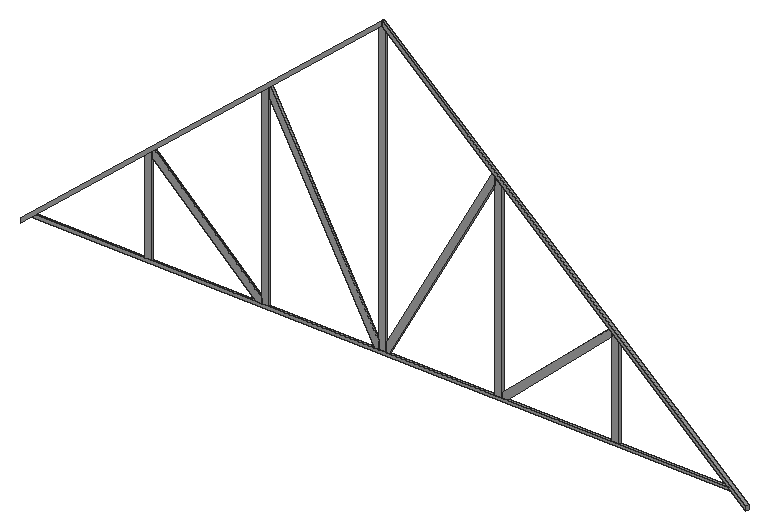
Revit family "DoubleHoweTruss", category Structural Framing, Revit 2023
Family settings
  Section Shape = Not Defined
  Material for Model Behavior = Wood
  Always export as geometry = No
  OmniClass Number = 23.25.30.21.14
  OmniClass Title = Trussed Beams and Joists
  Work Plane-Based = No
  Always vertical = Yes
  Cut with Voids When Loaded = No
  Symbolic Representation = From Family
  Shared = No
  Show family pre-cut in plan views = Yes
Parameters
  WebWidth [instance] = 50 mm
  WebDepth [instance] = 200 mm
  T_Volume [instance] = 0.00 m³
  TopWidth [instance] = 80 mm
  Structural Material [instance] = Poche
  SpanRight [instance] = 10000 mm
  SpanLeft [instance] = 10000 mm
  Span [instance] = SpanLeft + SpanRight  # 20000 mm
  SlopeRight [instance] = 40.00°
  SlopeLeft [instance] = 40.00°
  OverhangRight [instance] = 300 mm
  OverhangLeft [instance] = 400 mm
  TopDepth [instance] = 100 mm
  BottomWidth [instance] = 50 mm
  BottomDepth [instance] = 100 mm
Reference planes
  plane 1 "Center (Front/Back)": y = 0
  plane 2: z = 0
  plane 3 "Center (Left/Right)": x = 0
  plane 4: x = -10000
  plane 5: x = 10000
  plane 6: x = 10400
  plane 7: x = -10300
  plane 8: z = 100
  plane 9: x = 3333.333
  plane 10: x = 6666.667
  plane 11: x = -3333.333
  plane 12: x = -6666.667
  plane 13: x = -6766.667
  plane 14: x = -6566.667
  plane 15: x = -3433.333
  plane 16: x = -3233.333
  plane 17: x = -100
  plane 18: x = 100
  plane 19: x = 3233.333
  plane 20: x = 3433.333
  plane 21: x = 6566.667
  plane 22: x = 6766.667
Forms (mm)
  Extrusion 1, solid, material "Cherry"
    sketch origin (0, 0, 0) x (1, 0, 0) y (0, 0, 1)
      loop
        line (-6766.667, 2713.089) -> (-6766.667, 100) -> (-6566.667, 100) -> (-6566.667, 2880.909) -> (-6766.667, 2713.089)
    from -25 to 25
  Extrusion 2, solid, material "Cherry"
    sketch origin (0, 0, 0) x (1, 0, 0) y (0, 0, 1)
      loop
        line (-3233.333, 5677.908) -> (-3433.333, 5510.088) -> (-3433.333, 100) -> (-3233.333, 100) -> (-3233.333, 5677.908)
    from -25 to 25
  Extrusion 3, solid, material "Cherry"
    sketch origin (0, 0, 0) x (1, 0, 0) y (0, 0, 1)
      loop
        line (100, 8307.086) -> (0, 8390.996) -> (-100, 8307.086) -> (-100, 100) -> (100, 100) -> (100, 8307.086)
    from -25 to 25
  Extrusion 4, solid, material "Cherry"
    sketch origin (0, 0, 0) x (1, 0, 0) y (0, 0, 1)
      loop
        line (3433.333, 5510.088) -> (3233.333, 5677.908) -> (3233.333, 100) -> (3433.333, 100) -> (3433.333, 5510.088)
    from -25 to 25
  Extrusion 5, solid, material "Cherry"
    sketch origin (0, 0, 0) x (1, 0, 0) y (0, 0, 1)
      loop
        line (6766.667, 2713.089) -> (6566.667, 2880.909) -> (6566.667, 100) -> (6766.667, 100) -> (6766.667, 2713.089)
    from -25 to 25
  Extrusion 6, solid, material "Cherry"
    sketch origin (0, 0, 0) x (1, 0, 0) y (0, 0, 1)
      loop
        line (-3583.983, 100) -> (-3433.333, 100) -> (-3433.333, 233.705) -> (-6489.229, 2945.886) -> (-6566.667, 2880.909) -> (-6566.667, 2747.204) -> (-3583.983, 100)
    from -25 to 25
  Extrusion 7, solid, material "Cherry"
    sketch origin (0, 0, 0) x (1, 0, 0) y (0, 0, 1)
      loop
        line (-100, 304.183) -> (-3155.38, 5743.318) -> (-3233.333, 5677.908) -> (-3233.333, 5473.725) -> (-214.698, 100) -> (-100, 100) -> (-100, 304.183)
    from -25 to 25
  Extrusion 8, solid, material "Cherry"
    sketch origin (0, 0, 0) x (1, 0, 0) y (0, 0, 1)
      loop
        line (214.698, 100) -> (3233.333, 5473.725) -> (3233.333, 5677.908) -> (3155.38, 5743.318) -> (100, 304.183) -> (100, 100) -> (214.698, 100)
    from -25 to 25
  Extrusion 9, solid, material "Cherry"
    sketch origin (0, 0, 0) x (1, 0, 0) y (0, 0, 1)
      loop
        line (3583.983, 100) -> (6566.667, 2747.204) -> (6566.667, 2880.909) -> (6489.229, 2945.886) -> (3433.333, 233.705) -> (3433.333, 100) -> (3583.983, 100)
    from -25 to 25
  Extrusion 10, solid, material "Cherry"
    sketch origin (0, 0, 0) x (1, 0, 0) y (0, 0, 1)
      loop
        line (10400, -335.64) -> (10400, -205.099) -> (0, 8521.537) -> (0, 8390.996) -> (10400, -335.64)
    from -40 to 40
  Extrusion 11, solid, material "Cherry"
    sketch origin (0, 0, 0) x (1, 0, 0) y (0, 0, 1)
      loop
        line (-10300, -121.189) -> (-10300, -251.73) -> (0, 8390.996) -> (0, 8521.537) -> (-10300, -121.189)
    from -40 to 40
  Extrusion 12, solid, material "Cherry"
    sketch origin (0, 0, 0) x (1, 0, 0) y (0, 0, 1)
      loop
        line (-10000, 0) -> (10000, 0) -> (9880.825, 100) -> (-9880.825, 100) -> (-10000, 0)
    from -25 to 25
Lines and regions (mm)
  reference lines
    curve 1: line (10000, 0, 0) -> (0, 0, 8390.996)
    curve 2: line (-10000, 0, 0) -> (0, 0, 8390.996)
    curve 3: line (10001.738, 0, 129.083) -> (-8.024, 0, 8528.27)
    curve 4: line (-9999.444, 0, 131.007) -> (-134.65, 0, 8408.552)
    curve 5: line (0, 40, 1939.254) -> (0, 40, -520.746)
    curve 6: line (0, -40, 1939.254) -> (0, -40, -520.746)
    curve 7: line (0, -25, 1939.254) -> (0, -25, -520.746)
    curve 8: line (0, -25, 1939.254) -> (0, -25, -520.746)
    curve 9: line (0, 25, 1939.254) -> (0, 25, -520.746)
    curve 10: line (0, 25, 1939.254) -> (0, 25, -520.746)
    curve 11: line (100, 0, 100) -> (3233.333, 0, 5677.908)
    curve 12: line (3433.333, 0, 100) -> (6566.667, 0, 2880.909)
    curve 13: line (-100, 0, 100) -> (-3233.333, 0, 5677.908)
    curve 14: line (-3433.333, 0, 100) -> (-6566.667, 0, 2880.909)
    curve 15: line (-3366.954, 0, 174.792) -> (-6500.287, 0, 2955.7)
    curve 16: line (-3499.713, 0, 25.208) -> (-6633.046, 0, 2806.117)
    curve 17: line (-12.814, 0, 148.976) -> (-3146.147, 0, 5726.883)
    curve 18: line (-187.186, 0, 51.024) -> (-3320.519, 0, 5628.932)
    curve 19: line (12.814, 0, 148.976) -> (3146.147, 0, 5726.883)
    curve 20: line (187.186, 0, 51.024) -> (3320.519, 0, 5628.932)
    curve 21: line (3366.954, 0, 174.792) -> (6500.287, 0, 2955.7)
    curve 22: line (3499.713, 0, 25.208) -> (6633.046, 0, 2806.117)
Dimensions and locks
  "SpanLeft": plane 3 "Center (Left/Right)" to plane 5
  "SpanRight": plane 3 "Center (Left/Right)" to plane 4
  "OverhangLeft": plane 5 to plane 6
  "OverhangRight": plane 7 to plane 4
  "BottomDepth": level to plane 8
  "TopDepth": curve 1 to curve 3
  "TopDepth": curve 4 to curve 2
  equal spacing: curve 5, curve 4, curve 6
  "TopWidth": curve 5 to curve 6
  equal spacing: curve 9, curve 4, curve 7
  "WebWidth": curve 9 to curve 7
  equal spacing: curve 10, curve 4, curve 8
  "BottomWidth": curve 10 to curve 8
  equal spacing: plane 4, plane 12, plane 11, plane 3 "Center (Left/Right)"
  equal spacing: plane 5, plane 10, plane 9, plane 3 "Center (Left/Right)"
  equal spacing: plane 14, plane 12, plane 13
  equal spacing: plane 16, plane 11, plane 15
  equal spacing: plane 18, plane 3 "Center (Left/Right)", plane 17
  equal spacing: plane 20, plane 9, plane 19
  equal spacing: plane 22, plane 10, plane 21
  "WebDepth": plane 14 to plane 13
  "WebDepth": plane 16 to plane 15
  "WebDepth": plane 18 to plane 17
  "WebDepth": plane 20 to plane 19
  "WebDepth": plane 22 to plane 21
  equal spacing: curve 15, curve 14, curve 16
  "WebDepth": curve 15 to curve 16
  equal spacing: curve 17, curve 13, curve 18
  "WebDepth": curve 17 to curve 18
  equal spacing: curve 20, curve 11, curve 19
  "WebDepth": curve 20 to curve 19
  equal spacing: curve 22, curve 12, curve 21
  "WebDepth": curve 22 to curve 21
  "SlopeLeft": angle level to curve 1
  "SlopeRight": angle curve 2 to level
  aligned and locked: plane 2 to level
  aligned and locked: plane 3 "Center (Left/Right)" to curve 1
  aligned and locked: plane 5 to curve 1
  aligned and locked: curve 1 to level
  aligned and locked: level to curve 2
  aligned and locked: Extrusion 1 sketch curve to plane 13
  aligned and locked: plane 14 to Extrusion 1 sketch curve
  aligned and locked: Extrusion 1 sketch curve to plane 8
  aligned and locked: curve 2 to Extrusion 1 sketch curve
  aligned and locked: plane 16 to Extrusion 2 sketch curve
  aligned and locked: Extrusion 2 sketch curve to plane 15
  aligned and locked: Extrusion 2 sketch curve to plane 8
  aligned and locked: curve 2 to Extrusion 2 sketch curve
  aligned and locked: plane 18 to Extrusion 3 sketch curve
  aligned and locked: Extrusion 3 sketch curve to plane 17
  aligned and locked: Extrusion 3 sketch curve to plane 8
  aligned and locked: curve 1 to Extrusion 3 sketch curve
  aligned and locked: curve 2 to Extrusion 3 sketch curve
  aligned and locked: plane 20 to Extrusion 4 sketch curve
  aligned and locked: Extrusion 4 sketch curve to plane 19
  aligned and locked: Extrusion 4 sketch curve to plane 8
  aligned and locked: curve 1 to Extrusion 4 sketch curve
  aligned and locked: plane 22 to Extrusion 5 sketch curve
  aligned and locked: Extrusion 5 sketch curve to plane 21
  aligned and locked: Extrusion 5 sketch curve to plane 8
  aligned and locked: curve 1 to Extrusion 5 sketch curve
  aligned and locked: curve 16 to Extrusion 6 sketch curve
  aligned and locked: curve 15 to Extrusion 6 sketch curve
  aligned and locked: curve 2 to Extrusion 6 sketch curve
  aligned and locked: Extrusion 1 to Extrusion 6 sketch curve
  aligned and locked: Extrusion 2 to Extrusion 6 sketch curve
  aligned and locked: Extrusion 6 sketch curve to plane 8
  aligned and locked: curve 17 to Extrusion 7 sketch curve
  aligned and locked: curve 18 to Extrusion 7 sketch curve
  aligned and locked: Extrusion 3 to Extrusion 7 sketch curve
  aligned and locked: Extrusion 7 sketch curve to plane 8
  aligned and locked: curve 2 to Extrusion 7 sketch curve
  aligned and locked: Extrusion 2 to Extrusion 7 sketch curve
  aligned and locked: curve 20 to Extrusion 8 sketch curve
  aligned and locked: curve 19 to Extrusion 8 sketch curve
  aligned and locked: Extrusion 8 sketch curve to Extrusion 4
  aligned and locked: Extrusion 8 sketch curve to plane 8
  aligned and locked: Extrusion 8 sketch curve to Extrusion 3
  aligned and locked: curve 1 to Extrusion 8 sketch curve
  aligned and locked: curve 22 to Extrusion 9 sketch curve
  aligned and locked: curve 21 to Extrusion 9 sketch curve
  aligned and locked: curve 1 to Extrusion 9 sketch curve
  aligned and locked: Extrusion 9 sketch curve to plane 8
  aligned and locked: Extrusion 9 sketch curve to Extrusion 4
  aligned and locked: Extrusion 10 sketch curve to curve 1
  aligned and locked: Extrusion 10 sketch curve to curve 3
  aligned and locked: Extrusion 10 sketch curve to plane 3 "Center (Left/Right)"
  aligned and locked: Extrusion 10 sketch curve to plane 6
  aligned and locked: Extrusion 10 to curve 6
  aligned and locked: Extrusion 1 to curve 9
  aligned and locked: Extrusion 1 to curve 7
  aligned and locked: Extrusion 6 to curve 9
  aligned and locked: Extrusion 6 to curve 7
  aligned and locked: Extrusion 2 to Extrusion 1  (x2)
  aligned and locked: Extrusion 7 to Extrusion 1  (x2)
  aligned and locked: Extrusion 3 to Extrusion 2  (x2)
  aligned and locked: Extrusion 8 to Extrusion 1  (x2)
  aligned and locked: Extrusion 11 sketch curve to curve 4
  aligned and locked: Extrusion 11 sketch curve to curve 2
  aligned and locked: plane 7 to Extrusion 11 sketch curve
  aligned and locked: Extrusion 11 sketch curve to plane 3 "Center (Left/Right)"
  aligned and locked: Extrusion 11 to Extrusion 10
  aligned and locked: Extrusion 10 to Extrusion 11
  aligned and locked: Extrusion 12 sketch curve to level
  aligned and locked: Extrusion 12 sketch curve to plane 8
  aligned and locked: Extrusion 10 to Extrusion 12 sketch curve
  aligned and locked: Extrusion 11 to Extrusion 12 sketch curve
  aligned and locked: curve 10 to Extrusion 12
  aligned and locked: Extrusion 12 to curve 8
  aligned and locked: Extrusion 4 to curve 9
  aligned and locked: Extrusion 4 to curve 7
  aligned and locked: Extrusion 9 to curve 9
  aligned and locked: Extrusion 9 to curve 7
  aligned and locked: Extrusion 5 to curve 9
  aligned and locked: Extrusion 5 to curve 7
Automatic sketch dimensions
  Extrusion 9 sketch curve to plane 21 = 0 mm
  plane 14 to curve 14 = 0 mm
  curve 14 to plane 8 = 0 mm
  curve 14 to plane 15 = 0 mm
  plane 16 to curve 13 = 0 mm
  curve 13 to plane 8 = 0 mm
  curve 13 to plane 17 = 0 mm
  curve 11 to plane 8 = 0 mm
  plane 18 to curve 11 = 0 mm
  curve 11 to plane 19 = 0 mm
  curve 12 to plane 8 = 0 mm
  plane 20 to curve 12 = 0 mm
  curve 12 to plane 21 = 0 mm
  curve 4 to plane 4 = 0.556 mm
  curve 16 to plane 12 = 33.621 mm
  curve 15 to plane 14 = 66.379 mm
  level to curve 16 = 25.208 mm
  plane 11 to curve 15 = 33.621 mm
  curve 18 to plane 11 = 12.814 mm
  curve 17 to plane 16 = 87.186 mm
  curve 18 to plane 8 = 48.976 mm
  curve 4 to plane 17 = 34.65 mm
  curve 17 to plane 3 "Center (Left/Right)" = 12.814 mm
  curve 3 to plane 3 "Center (Left/Right)" = 8.024 mm
  plane 3 "Center (Left/Right)" to curve 19 = 12.814 mm
  curve 20 to plane 8 = 48.976 mm
  curve 19 to plane 19 = 87.186 mm
  curve 20 to plane 9 = 12.814 mm
  plane 9 to curve 21 = 33.621 mm
  level to curve 22 = 25.208 mm
  curve 21 to plane 21 = 66.379 mm
  curve 22 to plane 10 = 33.621 mm
  curve 3 to plane 5 = 1.738 mm
  curve 10 to level = 520.746 mm
  curve 5 to curve 10 = 0 mm
  curve 8 to curve 5 = 0 mm
  curve 8 to curve 6 = 0 mm  (x2)
  curve 6 to curve 7 = 0 mm  (x2)
  curve 9 to curve 5 = 0 mm  (x2)
  plane 8 to curve 6 = 1839.254 mm
  curve 6 to curve 9 = 0 mm
  curve 9 to curve 10 = 0 mm
